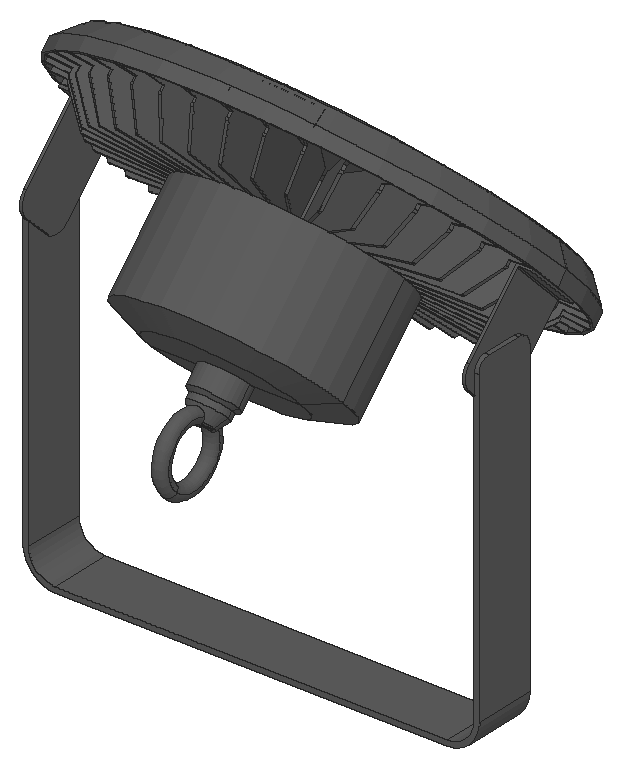
Revit family "0039350+0039353 Feilo Sylvania Lighting Fixture START HIGHBAY 6K 13KLM WIDE with BRACKET", category Lighting Fixtures, host Face, Revit 2017 (continued)
Definition of nested family "Start LED Highbay Head"
  Dimensions and locks
    equal spacing: plane 38, plane 3 "Center (Left/Right)", plane 39
    "EyeThickness_FEILO": plane 38 to plane 39
    "EyeThickness_FEILO": plane 37 to plane 40
    equal spacing: plane 37, plane 41, plane 40
    equal spacing: plane 6, plane 42, plane 18
    "ThicknessBracket_FEILO": plane 45 to plane 6
    "ThicknessBracket_FEILO": plane 8 to plane 44
    locked: plane 43 to plane 18 at 1
    equal spacing: plane 24, plane 46, plane 26
    equal spacing: plane 47, plane 1 "Center (Front/Back)", plane 48
    "WidthBracket_FEILO": plane 47 to plane 48
    "WidthRingChamfer_FEILO": plane 50 to plane 49
    "ThicknessWall_FEILO": plane 51 to plane 49
    equal spacing: plane 50, plane 52, plane 51
    "ThicknessBracket_FEILO": plane 54 to plane 50
    locked: plane 53 to plane 51 at 1
    "Radius_FEILO": plane 49 to plane 3 "Center (Left/Right)"
    "ShadeRadiusOut_FEILO": plane 3 "Center (Left/Right)" to plane 55
    "ShadeHeight_FEILO": plane 56 to plane 4
    "ShadeRadiusIn_FEILO": plane 3 "Center (Left/Right)" to plane 57
    locked: plane 58 to plane 57 at 8
    "ShadeThickness_FEILO": plane 60 to plane 4
    "ShadeThickness_FEILO": plane 59 to plane 55
    "EyeThicknessHalf_FEILO": radius of curve 8
    "ThicknessBracket_FEILO": radius of Extrusion 7 sketch curve  (x2)
    "ThicknessBracketHalf_FEILO": radius of Extrusion 7 sketch curve  (x2)
    "ShadeRadiusBend_FEILO": radius of curve 9
    aligned and locked: plane 2 to Extrusion 1
    aligned and locked: level to Extrusion 1
    aligned and locked: plane 5 to curve 1
    aligned and locked: plane 6 to curve 1
    aligned and locked: plane 7 to curve 1
    aligned and locked: plane 10 to curve 2
    aligned and locked: plane 9 to curve 3
    aligned and locked: plane 4 to curve 3
    aligned and locked: plane 11 to curve 3
    aligned and locked: plane 4 to curve 4
    aligned and locked: plane 18 to curve 5
    aligned and locked: plane 10 to curve 5
    aligned and locked: Revolve 2 sketch curve to plane 3 "Center (Left/Right)"
    aligned and locked: Revolve 2 sketch curve to curve 3
    aligned and locked: Revolve 2 sketch curve to curve 1
    aligned and locked: plane 4 to Revolve 2 sketch curve
    aligned and locked: plane 9 to Revolve 2 sketch curve
    aligned and locked: Revolve 2 sketch curve to plane 13
    aligned and locked: Revolve 2 sketch curve to plane 10
    aligned and locked: plane 13 to Revolve 2 sketch curve
    aligned and locked: plane 10 to Revolve 2 sketch curve
    aligned and locked: Revolve 2 sketch curve to plane 18
    aligned and locked: Revolve 2 sketch curve to plane 8
    aligned and locked: plane 5 to Revolve 2 sketch curve  (x2)
    aligned and locked: Revolve 3 sketch curve to plane 3 "Center (Left/Right)"
    aligned and locked: plane 11 to Revolve 3 sketch curve
    aligned and locked: Revolve 3 sketch curve to curve 2
    aligned and locked: plane 15 to Revolve 3 sketch curve
    aligned and locked: Revolve 3 sketch curve to plane 16
    aligned and locked: plane 17 to Revolve 3 sketch curve  (x2)
    aligned and locked: Revolve 3 sketch curve to plane 12
    aligned and locked: plane 7 to Revolve 3 sketch curve
    aligned and locked: Revolve 4 sketch curve to plane 3 "Center (Left/Right)"
    aligned and locked: Revolve 4 sketch curve to plane 14
    aligned and locked: plane 3 "Center (Left/Right)" to Revolve 4 sketch curve
    aligned and locked: Revolve 4 sketch curve to plane 12
    aligned and locked: plane 15 to Revolve 4 sketch curve
    aligned and locked: Revolve 2 sketch curve to curve 5
    aligned and locked: plane 22 to curve 6
    aligned and locked: plane 21 to curve 6
    aligned and locked: plane 20 to curve 6
    aligned and locked: plane 19 to curve 6
    aligned and locked: plane 33 to curve 7
    aligned and locked: plane 32 to curve 7
    aligned and locked: plane 35 to curve 7
    aligned and locked: plane 34 to curve 7
    aligned and locked: Revolve 5 sketch curve to plane 3 "Center (Left/Right)"
    aligned and locked: Revolve 5 sketch curve to plane 25
    aligned and locked: plane 27 to Revolve 5 sketch curve
    aligned and locked: plane 28 to Revolve 5 sketch curve
    aligned and locked: plane 30 to Revolve 5 sketch curve
    aligned and locked: Revolve 5 sketch curve to plane 29
    aligned and locked: plane 31 to Revolve 5 sketch curve
    aligned and locked: Revolve 5 sketch curve to curve 7
    aligned and locked: Revolve 5 sketch curve to plane 32
    aligned and locked: plane 34 to Revolve 5 sketch curve
    aligned and locked: plane 3 "Center (Left/Right)" to Revolve 5 sketch curve
    aligned and locked: plane 3 "Center (Left/Right)" to curve 8
    aligned and locked: plane 41 to curve 8
    aligned and locked: Revolve 6 sketch curve to plane 36
    aligned and locked: Revolve 6 sketch curve to curve 8
    aligned and locked: plane 43 to Extrusion 7 sketch curve  (x2)
    aligned and locked: plane 8 to Extrusion 7 sketch curve  (x3)
    aligned and locked: Extrusion 7 sketch curve to plane 45
    aligned and locked: Extrusion 7 sketch curve to plane 46  (x2)
    aligned and locked: plane 6 to Extrusion 7 sketch curve
    aligned and locked: Extrusion 7 sketch curve to plane 44  (x2)
    aligned and locked: Extrusion 7 to plane 48
    aligned and locked: plane 47 to Extrusion 7
    aligned and locked: plane 53 to Extrusion 7 sketch curve
    aligned and locked: plane 50 to Extrusion 7 sketch curve
    aligned and locked: Extrusion 7 sketch curve to plane 54
    aligned and locked: Extrusion 8 sketch curve to Extrusion 8 sketch curve
    aligned and locked: Extrusion 8 to plane 6
    aligned and locked: Extrusion 8 to Extrusion 7
    aligned and locked: Revolve 5 sketch curve to plane 22
    aligned and locked: plane 23 to nested 1
    aligned and locked: plane 1 "Center (Front/Back)" to nested 1
    aligned and locked: Revolve 9 sketch curve to plane 3 "Center (Left/Right)"
    aligned and locked: Revolve 9 sketch curve to plane 4
    aligned and locked: plane 6 to Revolve 9 sketch curve
    aligned and locked: plane 4 to Revolve 9 sketch curve
    aligned and locked: plane 7 to Revolve 9 sketch curve
    aligned and locked: Revolve 9 sketch curve to plane 5
    aligned and locked: plane 8 to Revolve 9 sketch curve  (x2)
    aligned and locked: Revolve 9 sketch curve to plane 19
    aligned and locked: plane 20 to Revolve 9 sketch curve
    aligned and locked: plane 19 to Revolve 9 sketch curve
    aligned and locked: plane 21 to Revolve 9 sketch curve
    aligned and locked: plane 22 to Revolve 9 sketch curve  (x2)
    aligned and locked: Revolve 9 sketch curve to Revolve 9 sketch curve
    aligned and locked: imposter light to plane 4
    aligned and locked: plane 3 "Center (Left/Right)" to imposter light
    aligned and locked: imposter light to plane 1 "Center (Front/Back)"
    aligned and locked: plane 55 to curve 9
    aligned and locked: plane 56 to curve 9
    aligned and locked: plane 57 to curve 9
    aligned and locked: plane 4 to curve 9
    aligned and locked: Revolve 10 sketch curve to curve 9
    aligned and locked: plane 58 to Revolve 10 sketch curve
    aligned and locked: plane 57 to Revolve 10 sketch curve
    aligned and locked: plane 56 to Revolve 10 sketch curve  (x2)
    aligned and locked: Revolve 10 sketch curve to plane 58
    aligned and locked: plane 60 to Revolve 10 sketch curve
  Automatic sketch dimensions
    Extrusion 1 sketch curve to Extrusion 1 sketch curve = 2438.4 mm  (x2)
    Revolve 2 sketch curve to plane 6 = 0.299 mm
    plane 6 to Revolve 2 sketch curve = 0.459 mm
    Revolve 2 sketch curve to level = 609.6 mm
    Revolve 2 sketch curve to Revolve 2 sketch curve = 2312.223 mm
    Revolve 3 sketch curve to plane 12 = 0 mm
    Revolve 3 sketch curve to plane 3 "Center (Left/Right)" = 0 mm
    Revolve 3 sketch curve to level = 609.6 mm
    Revolve 3 sketch curve to plane 4 = 2339.058 mm
    Revolve 4 sketch curve to level = 609.6 mm
    Revolve 4 sketch curve to plane 4 = 2339.058 mm
    Revolve 6 sketch curve to plane 5 = 1080 mm
    plane 38 to Revolve 6 sketch curve = 1219.2 mm
    Extrusion 8 sketch curve to plane 47 = 0 mm
    plane 46 to Extrusion 8 sketch curve = 0 mm  (x2)
    Extrusion 8 sketch curve to plane 48 = 0 mm
    plane 47 to Extrusion 8 sketch curve = 5 mm
    plane 1 "Center (Front/Back)" to Extrusion 8 sketch curve = 10 mm
    Extrusion 8 sketch curve to Extrusion 8 sketch curve = 10 mm
    plane 46 to Extrusion 8 sketch curve = 5 mm
    Extrusion 8 sketch curve to Extrusion 8 sketch curve = 5 mm
    Extrusion 8 sketch curve to plane 48 = 5 mm
    Revolve 5 sketch curve to plane 26 = 0 mm
    Revolve 5 sketch curve to plane 35 = 0.437 mm
    plane 35 to Revolve 5 sketch curve = 0.847 mm
    Revolve 5 sketch curve to plane 34 = 0.726 mm
    plane 40 to Revolve 5 sketch curve = 590.2 mm
    Revolve 5 sketch curve to plane 4 = 2339.058 mm
    Revolve 9 sketch curve to level = 609.6 mm
    Revolve 9 sketch curve to Revolve 9 sketch curve = 2386.058 mm
    curve 2 to plane 3 "Center (Left/Right)" = 0 mm
    Revolve 10 sketch curve to Revolve 10 sketch curve = 0 mm  (x2)
    Revolve 10 sketch curve to plane 3 "Center (Left/Right)" = 0 mm
    plane 57 to Revolve 10 sketch curve = 0.659 mm
    Revolve 10 sketch curve to level = 609.6 mm
    Revolve 10 sketch curve to Revolve 10 sketch curve = 2068.248 mm
  Nested families
    nested 1: "Start Highbay Rib" at (0, 0, 67.775), type "Type Name", detail levels medium+fine
      with SuspensionHeight_FEILO 2.6 mm
    nested 2: "Start Highbay Rib" at (0, 0, 67.775) x (0.9877, 0.1564, 0) z (0, 0, 1), type "Type Name", detail levels medium+fine
      with SuspensionHeight_FEILO 2.6 mm
    nested 3: "Start Highbay Rib" at (0, 0, 67.775) x (0.9511, 0.309, 0) z (0, 0, 1), type "Type Name", detail levels medium+fine
      with SuspensionHeight_FEILO 2.6 mm
    nested 4: "Start Highbay Rib" at (0, 0, 67.775) x (0.891, 0.454, 0) z (0, 0, 1), type "Type Name", detail levels medium+fine
      with SuspensionHeight_FEILO 2.6 mm
    nested 5: "Start Highbay Rib" at (0, 0, 67.775) x (0.809, 0.5878, 0) z (0, 0, 1), type "Type Name", detail levels medium+fine
      with SuspensionHeight_FEILO 2.6 mm
    nested 6: "Start Highbay Rib" at (0, 0, 67.775) x (0.7071, 0.7071, 0) z (0, 0, 1), type "Type Name", detail levels medium+fine
      with SuspensionHeight_FEILO 2.6 mm
    nested 7: "Start Highbay Rib" at (0, 0, 67.775) x (0.5878, 0.809, 0) z (0, 0, 1), type "Type Name", detail levels medium+fine
      with SuspensionHeight_FEILO 2.6 mm
    nested 8: "Start Highbay Rib" at (0, 0, 67.775) x (0.454, 0.891, 0) z (0, 0, 1), type "Type Name", detail levels medium+fine
      with SuspensionHeight_FEILO 2.6 mm
    nested 9: "Start Highbay Rib" at (0, 0, 67.775) x (0.309, 0.9511, 0) z (0, 0, 1), type "Type Name", detail levels medium+fine
      with SuspensionHeight_FEILO 2.6 mm
    nested 10: "Start Highbay Rib" at (0, 0, 67.775) x (0.1564, 0.9877, 0) z (0, 0, 1), type "Type Name", detail levels medium+fine
      with SuspensionHeight_FEILO 2.6 mm
    nested 11: "Start Highbay Rib" at (0, 0, 67.775) x (0, 1, 0) z (0, 0, 1), type "Type Name", detail levels medium+fine
      with SuspensionHeight_FEILO 2.6 mm
    nested 12: "Start Highbay Rib" at (0, 0, 67.775) x (-0.1564, 0.9877, 0) z (0, 0, 1), type "Type Name", detail levels medium+fine
      with SuspensionHeight_FEILO 2.6 mm
    nested 13: "Start Highbay Rib" at (0, 0, 67.775) x (-0.309, 0.9511, 0) z (0, 0, 1), type "Type Name", detail levels medium+fine
      with SuspensionHeight_FEILO 2.6 mm
    nested 14: "Start Highbay Rib" at (0, 0, 67.775) x (-0.454, 0.891, 0) z (0, 0, 1), type "Type Name", detail levels medium+fine
      with SuspensionHeight_FEILO 2.6 mm
    nested 15: "Start Highbay Rib" at (0, 0, 67.775) x (-0.5878, 0.809, 0) z (0, 0, 1), type "Type Name", detail levels medium+fine
      with SuspensionHeight_FEILO 2.6 mm
    nested 16: "Start Highbay Rib" at (0, 0, 67.775) x (-0.7071, 0.7071, 0) z (0, 0, 1), type "Type Name", detail levels medium+fine
      with SuspensionHeight_FEILO 2.6 mm
    nested 17: "Start Highbay Rib" at (0, 0, 67.775) x (-0.809, 0.5878, 0) z (0, 0, 1), type "Type Name", detail levels medium+fine
      with SuspensionHeight_FEILO 2.6 mm
    nested 18: "Start Highbay Rib" at (0, 0, 67.775) x (-0.891, 0.454, 0) z (0, 0, 1), type "Type Name", detail levels medium+fine
      with SuspensionHeight_FEILO 2.6 mm
    nested 19: "Start Highbay Rib" at (0, 0, 67.775) x (-0.9511, 0.309, 0) z (0, 0, 1), type "Type Name", detail levels medium+fine
      with SuspensionHeight_FEILO 2.6 mm
    nested 20: "Start Highbay Rib" at (0, 0, 67.775) x (-0.9877, 0.1564, 0) z (0, 0, 1), type "Type Name", detail levels medium+fine
      with SuspensionHeight_FEILO 2.6 mm
    nested 21: "Start Highbay Rib" at (0, 0, 67.775) x (-1, 0, 0) z (0, 0, 1), type "Type Name", detail levels medium+fine
      with SuspensionHeight_FEILO 2.6 mm
    nested 22: "Start Highbay Rib" at (0, 0, 67.775) x (-0.9877, -0.1564, 0) z (0, 0, 1), type "Type Name", detail levels medium+fine
      with SuspensionHeight_FEILO 2.6 mm
    nested 23: "Start Highbay Rib" at (0, 0, 67.775) x (-0.9511, -0.309, 0) z (0, 0, 1), type "Type Name", detail levels medium+fine
      with SuspensionHeight_FEILO 2.6 mm
    nested 24: "Start Highbay Rib" at (0, 0, 67.775) x (-0.891, -0.454, 0) z (0, 0, 1), type "Type Name", detail levels medium+fine
      with SuspensionHeight_FEILO 2.6 mm
    nested 25: "Start Highbay Rib" at (0, 0, 67.775) x (-0.809, -0.5878, 0) z (0, 0, 1), type "Type Name", detail levels medium+fine
      with SuspensionHeight_FEILO 2.6 mm
    nested 26: "Start Highbay Rib" at (0, 0, 67.775) x (-0.7071, -0.7071, 0) z (0, 0, 1), type "Type Name", detail levels medium+fine
      with SuspensionHeight_FEILO 2.6 mm
    nested 27: "Start Highbay Rib" at (0, 0, 67.775) x (-0.5878, -0.809, 0) z (0, 0, 1), type "Type Name", detail levels medium+fine
      with SuspensionHeight_FEILO 2.6 mm
    nested 28: "Start Highbay Rib" at (0, 0, 67.775) x (-0.454, -0.891, 0) z (0, 0, 1), type "Type Name", detail levels medium+fine
      with SuspensionHeight_FEILO 2.6 mm
    nested 29: "Start Highbay Rib" at (0, 0, 67.775) x (-0.309, -0.9511, 0) z (0, 0, 1), type "Type Name", detail levels medium+fine
      with SuspensionHeight_FEILO 2.6 mm
    nested 30: "Start Highbay Rib" at (0, 0, 67.775) x (-0.1564, -0.9877, 0) z (0, 0, 1), type "Type Name", detail levels medium+fine
      with SuspensionHeight_FEILO 2.6 mm
    nested 31: "Start Highbay Rib" at (0, 0, 67.775) x (0, -1, 0) z (0, 0, 1), type "Type Name", detail levels medium+fine
      with SuspensionHeight_FEILO 2.6 mm
    nested 32: "Start Highbay Rib" at (0, 0, 67.775) x (0.1564, -0.9877, 0) z (0, 0, 1), type "Type Name", detail levels medium+fine
      with SuspensionHeight_FEILO 2.6 mm
    nested 33: "Start Highbay Rib" at (0, 0, 67.775) x (0.309, -0.9511, 0) z (0, 0, 1), type "Type Name", detail levels medium+fine
      with SuspensionHeight_FEILO 2.6 mm
    nested 34: "Start Highbay Rib" at (0, 0, 67.775) x (0.454, -0.891, 0) z (0, 0, 1), type "Type Name", detail levels medium+fine
      with SuspensionHeight_FEILO 2.6 mm
    nested 35: "Start Highbay Rib" at (0, 0, 67.775) x (0.5878, -0.809, 0) z (0, 0, 1), type "Type Name", detail levels medium+fine
      with SuspensionHeight_FEILO 2.6 mm
    nested 36: "Start Highbay Rib" at (0, 0, 67.775) x (0.7071, -0.7071, 0) z (0, 0, 1), type "Type Name", detail levels medium+fine
      with SuspensionHeight_FEILO 2.6 mm
    nested 37: "Start Highbay Rib" at (0, 0, 67.775) x (0.809, -0.5878, 0) z (0, 0, 1), type "Type Name", detail levels medium+fine
      with SuspensionHeight_FEILO 2.6 mm
    nested 38: "Start Highbay Rib" at (0, 0, 67.775) x (0.891, -0.454, 0) z (0, 0, 1), type "Type Name", detail levels medium+fine
      with SuspensionHeight_FEILO 2.6 mm
    nested 39: "Start Highbay Rib" at (0, 0, 67.775) x (0.9511, -0.309, 0) z (0, 0, 1), type "Type Name", detail levels medium+fine
      with SuspensionHeight_FEILO 2.6 mm
    nested 40: "Start Highbay Rib" at (0, 0, 67.775) x (0.9877, -0.1564, 0) z (0, 0, 1), type "Type Name", detail levels medium+fine
      with SuspensionHeight_FEILO 2.6 mm
  Definition of nested family "Start Highbay Rib"
    Parameters (values of type "Type Name")
      WidthStraight_FEILO = if(SizeS_FEILO, 3 mm, if(SizeM_FEILO, 4 mm, 4.7 mm))  # 3 mm
      WidthRingChamfer_FEILO = if(SizeS_FEILO, 10.3 mm, if(SizeM_FEILO, 11.2 mm, 12.9 mm))  # 10.3 mm
      WidthCurved_FEILO = if(SizeS_FEILO, 17.4 mm, if(SizeM_FEILO, 16.4 mm, 26.2 mm))  # 17.4 mm
      WidthCurvedRing_FEILO = if(SizeS_FEILO, 3 mm, if(SizeM_FEILO, 4 mm, 4.7 mm))  # 3 mm
      WidthBracket_FEILO = 40 mm
      URL = "http://www.feilosylvania.com"
      Type Image = (empty or 0)
      Type Comments = "n/a"
      ThicknessWall_FEILO = 1.5 mm
      ThicknessBracket_FEILO = 1.5 mm
      ThicknessBracketHalf_FEILO = ThicknessBracket_FEILO / 2  # 0.75 mm
      SuspensionHeight_FEILO [instance] = 2.6 mm
      SizeS_FEILO = yes
      SizeM_FEILO = no
      Rib4_FEILO = if(SizeS_FEILO, 18.1 mm, if(SizeM_FEILO, 13.6 mm, 14.6 mm))  # 18.1 mm
      Rib3_FEILO = if(SizeS_FEILO, 15.3 mm, if(SizeM_FEILO, 17.6 mm, 20.2 mm))  # 15.3 mm
      Rib2_FEILO = if(SizeS_FEILO, 3.6 mm, if(SizeM_FEILO, 3.9 mm, 4.5 mm))  # 3.6 mm
      Rib1_FEILO = if(SizeS_FEILO, 15.1 mm, if(SizeM_FEILO, 16.5 mm, 19 mm))  # 15.1 mm
      RadiusRib_FEILO = 2 mm
      RadiusDiffuser_FEILO = if(SizeS_FEILO, 95.2 mm, if(SizeM_FEILO, 105.3 mm, 120 mm))  # 95.2 mm
      RHRadius3_FEILO = if(SizeS_FEILO, 6.6 mm, if(SizeM_FEILO, 7.4 mm, 8.6 mm))  # 6.6 mm
      RHRadius2_FEILO = if(SizeS_FEILO, 11 mm, if(SizeM_FEILO, 12 mm, 14 mm))  # 11 mm
      RHRadius1_FEILO = if(SizeS_FEILO, 13.6 mm, if(SizeM_FEILO, 14.9 mm, 17.7 mm))  # 13.6 mm
      RHHeight4_FEILO = if(SizeS_FEILO, 7.3 mm, if(SizeM_FEILO, 8 mm, 9.2 mm))  # 7.3 mm
      RHHeight3_FEILO = if(SizeS_FEILO, 3.6 mm, if(SizeM_FEILO, 3.7 mm, 4.6 mm))  # 3.6 mm
      RHHeight2_FEILO = if(SizeS_FEILO, 2 mm, if(SizeM_FEILO, 2.2 mm, 2.6 mm))  # 2 mm
      RHHeight1_FEILO = if(SizeS_FEILO, 11.8 mm, if(SizeM_FEILO, 15.3 mm, 17.4 mm))  # 11.8 mm
      Material_3_FEILO = none
      Model = ""
      Manufacturer = "Feilo Sylvania"
      Keynote = "16500"
      HeightRing_FEILO = if(SizeS_FEILO, 19.8 mm, if(SizeM_FEILO, 32 mm, 36.8 mm))  # 19.8 mm
      HeightRingChamfer_FEILO = if(SizeS_FEILO, 11.7 mm, if(SizeM_FEILO, 23.2 mm, 26.6 mm))  # 11.7 mm
      EyeThickness_FEILO = if(SizeS_FEILO, 8.4 mm, if(SizeM_FEILO, 9.2 mm, 10.5 mm))  # 8.4 mm
      EyeThicknessHalf_FEILO = EyeThickness_FEILO / 2  # 4.2 mm
      EyeInner_FEILO = if(SizeS_FEILO, 13.8 mm, if(SizeM_FEILO, 15.1 mm, 17.3 mm))  # 13.8 mm
      DriverVerticalStraight_FEILO = if(SizeS_FEILO, 46.5 mm, if(SizeM_FEILO, 49.7 mm, 57 mm))  # 46.5 mm
      DriverVerticalChamfer_FEILO = if(SizeS_FEILO, 7.5 mm, if(SizeM_FEILO, 8.2 mm, 9.5 mm))  # 7.5 mm
      DriverRadius_FEILO = if(SizeS_FEILO, 61.4 mm, if(SizeM_FEILO, 67.2 mm, 76.4 mm))  # 61.4 mm
      DriverRadiusTop_FEILO = if(SizeS_FEILO, 42 mm, if(SizeM_FEILO, 45.3 mm, 52.4 mm))  # 42 mm
      DriverBottom_FEILO = if(SizeS_FEILO, 56 mm, if(SizeM_FEILO, 64.5 mm, 74 mm))  # 56 mm
      Material_2_FEILO = none
      Radius_FEILO = if(SizeS_FEILO, 135 mm, if(SizeM_FEILO, 148 mm, 169.5 mm))  # 135 mm
      Description = ""
      Default Elevation = 1219.2 mm
      Cost = 0
      Material_1_FEILO = none
      Assembly Code = "D5020200"
      Material_4_FEILO = none
    Reference planes
      plane 1 "Center (Front/Back)": y = 0
      plane 2: z = 0
      plane 3 "Center (Left/Right)": x = 0
      plane 4: z = 2.6
      plane 5: x = -135
      plane 6: x = -124.7
      plane 7: z = -9.1
      plane 8: z = -17.2
      plane 9: x = -121.7
      plane 10: z = -0.025
      plane 11: x = -104.3
      plane 12: x = -95.2
      plane 13: x = -118.7
      plane 14: z = 0.975
      plane 15: z = -1.025
      plane 16: x = -92.2
      plane 17: z = -2.025
      plane 18: x = -133.5
      plane 19: x = -119.9
      plane 20: z = -20.8
      plane 21: x = -104.6
      plane 22: z = -38.9
      plane 23: x = -20
      plane 24: z = -53.4
      plane 25: x = -61.4
      plane 26: z = -99.9
      plane 27: x = -42
      plane 28: z = -107.4
      plane 29: x = -13.6
      plane 30: z = -119.2
      plane 31: z = -121.2
      plane 32: x = -11
      plane 33: z = -124.8
      plane 34: z = -132.1
      plane 35: x = -6.6
      plane 36: z = -145.9
      plane 37: z = -159.7
      plane 38: x = 4.2
      plane 39: x = -4.2
      plane 40: z = -168.1
      plane 41: z = -163.9
      plane 42: x = -129.1
      plane 43: x = -132.5
      plane 44: z = -18.7
      plane 45: x = -123.2
      plane 46: z = -76.65
      plane 47: y = -20
      plane 48: y = 20
      plane 49: x = 135
      plane 50: x = 124.7
      plane 51: x = 133.5
      plane 52: x = 129.1
      plane 53: x = 132.5
      plane 54: x = 123.2
      plane 55: y = 0.75
      plane 56: y = -0.75
    Forms (mm)
      Extrusion 1, solid
        sketch origin (4.2, 0, 0) x (1, 0, 0) y (0, 1, 0)
          loop
            line (-1219.2, 1219.2) -> (-1219.2, -1219.2) -> (1219.2, -1219.2) -> (1219.2, 1219.2) -> (-1219.2, 1219.2)
        from 0 to -68.017
      Extrusion 2, solid, material <- "Material_1_FEILO"
        sketch origin (0, 0, 0) x (1, 0, 0) y (0, 0, 1)
          loop
            arc (-104.3, -0.025) -> (-111.555, 0.423) -> (-118.7, 1.76) r 58.981
            line (-118.7, 1.76) -> (-118.7, -0.025) -> (-125.012, -0.025) -> (-133.5, -9.666) -> (-133.5, -17.2) -> (-119.9, -17.2) -> (-119.9, -20.068)
            arc (-119.9, -20.068) -> (-119.778, -20.755) -> (-119.427, -21.359) r 2
            line (-119.427, -21.359) -> (-104.966, -38.467)
            arc (-104.966, -38.467) -> (-104.381, -38.789) -> (-103.723, -38.9) r 2
            line (-103.723, -38.9) -> (-20, -38.9) -> (-20, -9.1) -> (-95.2, -9.1) -> (-95.2, -2.025) -> (-104.3, -2.025) -> (-104.3, -0.025)
        from -0.75 to 0.75
    Lines and regions (mm)
      reference lines
        curve 1: line (-135, 0, -9.1) -> (-124.7, 0, 2.6)
        curve 2: line (-104.3, 0, -0.025) -> (0, 0, -0.025)
        curve 3: arc (-104.3, 0, -0.025) -> (-113.098, 0, 0.635) -> (-121.7, 0, 2.6) r 58.981
        curve 4: line (-124.7, 0, 2.6) -> (-121.7, 0, 2.6)
        curve 5: line (-125.012, 0, -0.025) -> (-133.5, 0, -9.666)
        curve 6: line (-119.9, 0, -20.8) -> (-104.6, 0, -38.9)
    Dimensions and locks
      "Radius_FEILO": plane 3 "Center (Left/Right)" to plane 5
      "WidthRingChamfer_FEILO": plane 6 to plane 5
      "WidthStraight_FEILO": plane 9 to plane 6
      "WidthCurvedRing_FEILO": plane 13 to plane 9
      locked: plane 10 to plane 15 at 1
      locked: plane 14 to plane 10 at 1
      locked: plane 4 to plane 10 at 2.625
      locked: plane 15 to plane 17 at 1
      "ThicknessWall_FEILO": plane 18 to plane 5
      "ThicknessWall_FEILO": curve 5 to curve 1
      "HeightRingChamfer_FEILO": plane 4 to plane 7
      "HeightRing_FEILO": plane 4 to plane 8
      "RadiusDiffuser_FEILO": plane 3 "Center (Left/Right)" to plane 12
      locked: plane 16 to plane 12 at 3
      "WidthCurved_FEILO": plane 11 to plane 9
      "SuspensionHeight_FEILO": plane 4 to plane 2
      "Rib1_FEILO": plane 19 to plane 5
      "Rib2_FEILO": plane 8 to plane 20
      "Rib3_FEILO": plane 21 to plane 19
      "Rib4_FEILO": plane 20 to plane 22
      locked: plane 3 "Center (Left/Right)" to plane 23 at 20
      "DriverBottom_FEILO": plane 4 to plane 24
      "DriverRadius_FEILO": plane 3 "Center (Left/Right)" to plane 25
      "DriverVerticalStraight_FEILO": plane 24 to plane 26
      "DriverRadiusTop_FEILO": plane 3 "Center (Left/Right)" to plane 27
      "DriverVerticalChamfer_FEILO": plane 26 to plane 28
      "RHRadius1_FEILO": plane 3 "Center (Left/Right)" to plane 29
      "RHHeight2_FEILO": plane 30 to plane 31
      "RHRadius2_FEILO": plane 3 "Center (Left/Right)" to plane 32
      "RHHeight3_FEILO": plane 31 to plane 33
      "RHHeight4_FEILO": plane 33 to plane 34
      "RHRadius3_FEILO": plane 3 "Center (Left/Right)" to plane 35
      "RHHeight1_FEILO": plane 28 to plane 30
      "EyeInner_FEILO": plane 34 to plane 36
      "EyeInner_FEILO": plane 36 to plane 37
      equal spacing: plane 38, plane 3 "Center (Left/Right)", plane 39
      "EyeThickness_FEILO": plane 38 to plane 39
      "EyeThickness_FEILO": plane 37 to plane 40
      equal spacing: plane 37, plane 41, plane 40
      equal spacing: plane 6, plane 42, plane 18
      "ThicknessBracket_FEILO": plane 45 to plane 6
      "ThicknessBracket_FEILO": plane 8 to plane 44
      locked: plane 43 to plane 18 at 1
      equal spacing: plane 24, plane 46, plane 26
      equal spacing: plane 47, plane 1 "Center (Front/Back)", plane 48
      "WidthBracket_FEILO": plane 47 to plane 48
      "WidthRingChamfer_FEILO": plane 50 to plane 49
      "ThicknessWall_FEILO": plane 51 to plane 49
      equal spacing: plane 50, plane 52, plane 51
      "ThicknessBracket_FEILO": plane 54 to plane 50
      locked: plane 53 to plane 51 at 1
      "Radius_FEILO": plane 49 to plane 3 "Center (Left/Right)"
      equal spacing: plane 56, plane 1 "Center (Front/Back)", plane 55
      "ThicknessWall_FEILO": plane 56 to plane 55
      "RadiusRib_FEILO": radius of Extrusion 2 sketch curve  (x2)
      aligned and locked: plane 2 to Extrusion 1
      aligned and locked: level to Extrusion 1
      aligned and locked: plane 5 to curve 1
      aligned and locked: plane 6 to curve 1
      aligned and locked: plane 7 to curve 1
      aligned and locked: plane 10 to curve 2
      aligned and locked: plane 9 to curve 3
      aligned and locked: plane 4 to curve 3
      aligned and locked: plane 11 to curve 3
      aligned and locked: plane 4 to curve 4
      aligned and locked: plane 18 to curve 5
      aligned and locked: plane 10 to curve 5
      aligned and locked: plane 22 to curve 6
      aligned and locked: plane 21 to curve 6
      aligned and locked: plane 20 to curve 6
      aligned and locked: plane 19 to curve 6
      aligned and locked: Extrusion 2 sketch curve to plane 23
      aligned and locked: Extrusion 2 sketch curve to plane 22
      aligned and locked: Extrusion 2 sketch curve to curve 6
      aligned and locked: plane 19 to Extrusion 2 sketch curve
      aligned and locked: Extrusion 2 sketch curve to plane 8
      aligned and locked: Extrusion 2 sketch curve to curve 5
      aligned and locked: Extrusion 2 sketch curve to curve 3
      aligned and locked: Extrusion 2 to plane 55
      aligned and locked: plane 56 to Extrusion 2
      aligned and locked: curve 6 to Extrusion 2 sketch curve
    Automatic sketch dimensions
      Extrusion 1 sketch curve to Extrusion 1 sketch curve = 2438.4 mm  (x2)
      curve 2 to plane 3 "Center (Left/Right)" = 0 mm
      Extrusion 2 sketch curve to plane 18 = 0 mm
      Extrusion 2 sketch curve to plane 10 = 0 mm
      Extrusion 2 sketch curve to plane 13 = 0 mm
      Extrusion 2 sketch curve to plane 7 = 0 mm
      Extrusion 2 sketch curve to plane 12 = 0 mm
      Extrusion 2 sketch curve to plane 17 = 0 mm
      plane 19 to Extrusion 2 sketch curve = 0.473 mm
      Extrusion 2 sketch curve to plane 21 = 0.366 mm
